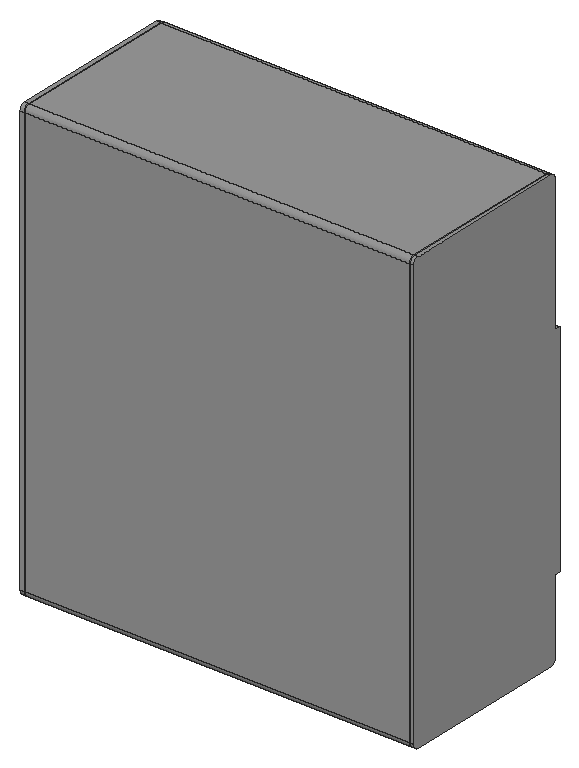
Revit family "L&L_LUCE&LIGHT_PASITO_1.0", category Lighting Fixtures, host Wall, Revit 2018 (continued)
Parameters (values of type "PASITO_1.0 – 60°")
     8.08 7.80 7.51 7.27 7.03 6.77 6.50 \r\n6.27 6.04 5.79 5.54 5.32 5.10 4.86 4.64 4.44 4.24 4.02 \r\n3.83 3.65 3.46 3.27 3.09 2.92 2.74 2.58 2.42 2.25 2.09 \r\n1.93 1.79 1.55 1.11 0.54 0.12 0.01 \r\n0.01 0.06 0.26 0.56 1.05 1.76 1.98 2.01 2.08 2.24 2.89 \r\n4.08 5.77 7.89 10.31 13.23 16.95 21.35 26.32 32.09 39.55 \r\n48.38 58.14 68.86 79.59 88.46 94.89 99.36 102.63 105.23 \r\n107.89 110.80 113.68 116.29 118.59 120.67 122.97 125.38 \r\n127.43 129.26 131.30 133.23 134.94 136.48 137.92 139.39 \r\n140.77 141.91 142.75 143.63 144.53 145.13 145.46 145.71 \r\n145.88 145.80 145.41 144.89 144.34 143.64 142.75 141.62 \r\n140.13 138.44 136.71 134.82 132.76 130.49 127.94 125.12 \r\n122.04 118.70 115.09 111.14 106.79 102.05 96.95 91.46 \r\n85.70 79.87 74.17 68.77 63.77 59.22 55.12 51.49 48.28 \r\n45.43 42.91 40.66 38.65 36.84 35.19 33.67 32.22 30.85 \r\n29.57 28.37 27.27 26.27 25.35 24.51 23.74 23.03 22.37 \r\n21.76 21.21 20.73 20.32 19.95 19.57 19.13 18.64 18.14 \r\n17.66 17.20 16.79 16.42 16.09 15.76 15.35 14.92 14.57 \r\n14.25 13.89 13.51 13.17 12.83 12.49 12.14 11.81 11.52 \r\n11.19 10.83 10.55 10.27 9.95 9.68 9.41 9.09 8.82 8.55 \r\n8.24 8.00 7.77 7.49 7.26 7.03 6.78 6.53 6.31 6.10 5.86 \r\n5.63 5.42 5.22 5.00 4.78 4.58 4.40 4.20 3.99 3.81 3.64 \r\n3.45 3.28 3.11 2.95 2.78 2.63 2.48 2.32 2.18 2.03 1.88 \r\n1.74 1.48 1.02 0.48 0.11 0.01 \r\n0.01 0.05 0.23 0.50 0.90 1.55 1.94 1.99 2.03 2.11 2.34 \r\n3.08 4.24 5.84 7.79 10.02 12.74 16.04 19.98 24.34 29.21 \r\n35.61 43.23 51.66 60.85 70.67 79.95 86.97 91.91 95.26 \r\n97.74 99.96 102.21 104.28 106.32 108.34 110.18 111.71 \r\n113.16 114.73 116.21 117.43 118.62 119.76 120.79 121.78 \r\n122.65 123.23 123.66 124.11 124.47 124.61 124.55 124.41 \r\n124.25 123.94 123.41 122.64 121.75 120.81 119.78 118.57 \r\n117.18 115.62 113.88 111.98 109.95 107.80 105.56 103.23 \r\n100.74 98.07 95.17 92.10 88.88 85.50 81.95 78.20 74.28 \r\n70.23 66.14 62.10 58.21 54.53 51.13 48.02 45.19 42.64 \r\n40.34 38.27 36.41 34.72 33.18 31.73 30.36 29.04 27.79 \r\n26.63 25.58 24.61 23.72 22.89 22.11 21.40 20.76 20.19 \r\n19.68 19.21 18.76 18.29 17.82 17.35 16.89 16.47 16.08 \r\n15.71 15.39 15.08 14.72 14.32 13.95 13.63 13.30 12.94 \r\n12.59 12.29 11.97 11.63 11.32 11.06 10.77 10.45 10.15 \r\n9.89 9.62 9.32 9.06 8.82 8.57 8.30 8.05 7.82 7.58 7.34 \r\n7.12 6.90 6.67 6.44 6.24 6.03 5.81 5.60 5.41 5.21 5.01 \r\n4.82 4.64 4.47 4.28 4.09 3.91 3.75 3.58 3.40 3.24 3.09 \r\n2.94 2.78 2.64 2.50 2.36 2.22 2.09 1.96 1.83 1.68 1.38 \r\n0.92 0.42 0.09 0.01 \r\n0.01 0.05 0.20 0.43 0.75 1.27 1.82 1.97 2.00 2.05 2.12 \r\n2.35 3.03 4.08 5.46 7.15 9.10 11.43 14.22 17.55 21.33 \r\n25.40 30.03 35.97 43.07 50.80 58.98 67.35 75.20 81.47 \r\n85.99 88.97 90.87 92.38 93.94 95.52 96.99 98.37 99.53 \r\n100.43 101.29 102.13 102.78 103.28 103.84 104.45 104.96 \r\n105.22 105.19 105.06 105.03 105.00 104.90 104.61 104.06 \r\n103.43 102.80 102.06 101.09 99.93 98.72 97.46 96.14 94.78 \r\n93.36 91.83 90.17 88.33 86.41 84.44 82.48 80.52 78.51 \r\n76.40 74.17 71.83 69.37 66.79 64.11 61.34 58.49 55.61 \r\n52.72 49.88 47.13 44.52 42.07 39.79 37.70 35.79 34.04 \r\n32.45 30.98 29.62 28.31 27.06 25.85 24.72 23.67 22.71 \r\n21.83 21.02 20.26 19.55 18.91 18.33 17.80 17.30 16.81 \r\n16.33 15.88 15.48 15.12 14.78 14.45 14.12 13.79 13.44 \r\n13.10 12.78 12.47 12.16 11.85 11.56 11.26 10.96 10.68 \r\n10.42 10.14 9.85 9.59 9.34 9.08 8.84 8.59 8.35 8.12 7.91 \r\n7.69 7.46 7.24 7.03 6.83 6.63 6.42 6.22 6.02 5.83 5.64 \r\n5.47 5.29 5.11 4.92 4.75 4.59 4.42 4.25 4.09 3.93 3.78 \r\n3.62 3.46 3.31 3.17 3.03 2.88 2.74 2.61 2.49 2.36 2.24 \r\n2.12 2.00 1.88 1.76 1.59 1.27 0.81 0.36 0.08 0.01 \r\n0.01 0.04 0.16 0.36 0.62 1.01 1.53 1.94 1.97 2.00 2.05 \r\n2.11 2.27 2.75 3.57 4.71 6.10 7.67 9.48 11.66 14.21 17.17 \r\n20.58 24.35 28.37 33.12 38.85 45.34 52.45 59.82 66.77 \r\n72.60 76.97 80.06 82.11 83.42 84.38 85.27 86.09 86.84 \r\n87.56 88.17 88.57 88.82 88.98 89.12 89.24 89.23 89.05 \r\n88.73 88.34 87.94 87.55 87.11 86.58 85.93 85.20 84.44 \r\n83.60 82.69 81.72 80.69 79.61 78.47 77.24 75.99 74.70 \r\n73.38 71.99 70.56 69.07 67.56 66.01 64.40 62.75 61.04 \r\n59.27 57.45 55.57 53.63 51.63 49.57 47.45 45.28 43.11 \r\n40.96 38.88 36.89 35.01 33.24 31.59 30.07 28.64 27.31 \r\n26.04 24.83 23.66 22.55 21.50 20.51 19.59 18.75 17.99 \r\n17.34 16.76 16.24 15.76 15.29 14.83 14.38 13.95 13.58 \r\n13.24 12.92 12.61 12.31 12.01 11.72 11.42 11.12 10.84 \r\n10.57 10.31 10.05 9.80 9.57 9.32 9.08 8.85 8.62 8.40 8.18 \r\n7.96 7.75 7.55 7.35 7.15 6.96 6.78 6.60 6.42 6.22 6.04 \r\n5.87 5.71 5.54 5.37 5.21 5.04 4.88 4.73 4.59 4.44 4.28 \r\n4.13 3.99 3.85 3.71 3.56 3.43 3.30 3.17 3.04 2.92 2.79 \r\n2.66 2.54 2.43 2.32 2.21 2.10 2.00 1.89 1.79 1.69 1.47 \r\n1.12 0.69 0.29 0.07 0.01 \r\n0.01 0.03 0.12 0.29 0.50 0.77 1.15 1.61 1.94 1.97 1.99 \r\n2.02 2.09 2.16 2.39 2.88 3.65 4.68 5.92 7.29 8.86 10.67 \r\n12.73 15.09 17.77 20.79 24.17 27.96 32.27 37.13 42.40 \r\n48.11 54.17 60.06 65.10 68.89 71.46 73.16 74.18 74.68 \r\n74.98 75.29 75.61 75.82 75.91 75.92 75.87 75.76 75.53 \r\n75.17 74.68 74.14 73.64 73.12 72.59 72.02 71.37 70.66 \r\n69.91 69.16 68.41 67.62 66.80 65.95 65.07 64.14 63.13 \r\n62.08 61.01 59.91 58.79 57.62 56.42 55.19 53.93 52.66 \r\n51.36 50.03 48.65 47.22 45.73 44.18 42.56 40.88 39.16 \r\n37.42 35.68 33.96 32.28 30.65 29.09 27.62 26.23 24.90 \r\n23.62 22.39 21.20 20.07 18.99 17.99 17.05 16.19 15.40 \r\n14.69 14.06 13.52 13.05 12.64 12.29 11.98 11.69 11.43 \r\n11.17 10.91 10.64 10.37 10.12 9.87 9.62 9.39 9.15 8.92 \r\n8.71 8.51 8.32 8.12 7.92 7.72 7.53 7.35 7.17 6.99 6.82 \r\n6.64 6.48 6.32 6.15 5.99 5.84 5.69 5.55 5.40 5.25 5.11 \r\n4.97 4.83 4.70 4.57 4.44 4.31 4.17 4.04 3.92 3.80 3.67 \r\n3.54 3.42 3.31 3.20 3.09 2.97 2.87 2.76 2.65 2.55 2.45 \r\n2.35 2.24 2.14 2.05 1.96 1.87 1.79 1.71 1.57 1.32 0.96 \r\n0.56 0.22 0.05 0.01 \r\n0.01 0.03 0.10 0.22 0.38 0.58 0.82 1.15 1.52 1.82 1.95 \r\n1.97 2.00 2.03 2.09 2.18 2.35 2.66 3.15 3.90 4.83 5.91 \r\n7.13 8.50 10.09 11.91 13.97 16.18 18.47 21.04 23.99 27.37 \r\n31.20 35.47 40.00 44.70 49.18 53.35 57.03 60.09 62.22 \r\n63.54 64.15 64.35 64.35 64.28 64.22 64.18 64.04 63.78 \r\n63.38 62.90 62.37 61.83 61.28 60.75 60.20 59.63 59.03 \r\n58.41 57.79 57.16 56.52 55.87 55.20 54.51 53.78 53.03 \r\n52.24 51.41 50.55 49.67 48.77 47.85 46.91 45.92 44.90 \r\n43.84 42.76 41.64 40.49 39.29 38.04 36.74 35.37 33.95 \r\n32.48 30.96 29.44 27.91 26.42 24.98 23.58 22.23 20.90 \r\n19.60 18.33 17.11 15.95 14.88 13.92 13.06 12.31 11.66 \r\n11.12 10.70 10.37 10.11 9.89 9.69 9.47 9.25 9.02 8.79 \r\n8.57 8.36 8.17 8.00 7.82 7.65 7.47 7.29 7.12 6.95 6.79 \r\n6.63 6.49 6.35 6.21 6.07 5.93 5.79 5.66 5.53 5.41 5.28 \r\n5.16 5.04 4.93 4.81 4.69 4.58 4.46 4.35 4.24 4.13 4.02 \r\n3.92 3.82 3.72 3.61 3.51 3.40 3.30 3.20 3.11 3.01 2.92 \r\n2.83 2.74 2.65 2.56 2.47 2.39 2.30 2.21 2.12 2.05 1.97 \r\n1.89 1.82 1.75 1.67 1.56 1.37 1.11 0.78 0.44 0.18 0.05 \r\n0.01 \r\n0.01 0.03 0.08 0.15 0.27 0.41 0.56 0.74 0.99 1.26 1.55 \r\n1.78 1.94 1.96 1.99 2.02 2.05 2.09 2.16 2.28 2.49 2.80 \r\n3.32 3.99 4.78 5.68 6.64 7.68 8.97 10.44 12.16 13.91 \r\n15.67 17.57 19.69 22.23 25.01 28.06 31.32 34.77 38.35 \r\n41.83 44.81 47.30 49.08 50.40 51.15 51.55 51.49 51.34 \r\n50.97 50.62 50.19 49.72 49.23 48.63 48.10 47.47 46.86 \r\n46.27 45.70 45.19 44.69 44.18 43.66 43.11 42.57 42.08 \r\n41.65 41.17 40.67 40.12 39.51 38.79 38.03 37.26 36.48 \r\n35.68 34.85 33.99 33.11 32.20 31.27 30.30 29.26 28.14 \r\n26.91 25.61 24.25 22.87 21.50 20.18 18.89 17.63 16.40 \r\n15.17 13.96 12.80 11.71 10.73 9.89 9.20 8.65 8.22 7.91 \r\n7.69 7.54 7.43 7.33 7.22 7.09 6.94 6.79 6.64 6.50 6.37 \r\n6.24 6.12 6.01 5.89 5.77 5.66 5.55 5.44 5.34 5.24 5.14 \r\n5.04 4.94 4.83 4.73 4.63 4.54 4.44 4.36 4.27 4.19 4.10 \r\n4.02 3.94 3.86 3.77 3.68 3.59 3.51 3.43 3.35 3.27 3.19 \r\n3.11 3.04 2.96 2.88 2.81 2.74 2.67 2.60 2.52 2.45 2.38 \r\n2.31 2.24 2.18 2.11 2.04 1.98 1.91 1.85 1.79 1.73 1.67 \r\n1.59 1.46 1.30 1.10 0.87 0.59 0.32 0.14 0.04 0.01 \r\n0.01 0.02 0.05 0.11 0.17 0.26 0.35 0.46 0.57 0.72 0.88 \r\n1.09 1.30 1.50 1.68 1.82 1.93 1.95 1.98 2.01 2.03 2.05 \r\n2.08 2.14 2.23 2.38 2.58 2.94 3.36 3.97 4.65 5.41 6.21 \r\n7.06 8.01 9.08 10.31 11.61 13.03 14.50 16.05 17.65 19.11 \r\n20.55 21.78 22.76 23.50 23.90 24.01 23.91 23.65 23.41 \r\n23.22 23.04 22.91 22.79 22.64 22.50 22.40 22.30 22.19 \r\n22.07 21.93 21.78 21.65 21.52 21.38 21.22 21.04 20.83 \r\n20.64 20.47 20.30 20.12 19.93 19.72 19.49 19.22 18.91 \r\n18.55 18.14 17.69 17.20 16.67 16.11 15.53 14.92 14.30 \r\n13.68 13.05 12.44 11.83 11.22 10.58 9.90 9.14 8.32 7.48 \r\n6.70 6.02 5.59 5.42 5.29 5.19 5.08 5.00 4.97 4.93 4.88 \r\n4.84 4.78 4.73 4.67 4.62 4.57 4.51 4.45 4.38 4.32 4.25 \r\n4.19 4.13 4.07 4.01 3.95 3.89 3.83 3.76 3.70 3.64 3.58 \r\n3.52 3.47 3.41 3.35 3.29 3.24 3.18 3.12 3.07 3.01 2.96 \r\n2.91 2.86 2.80 2.74 2.69 2.63 2.58 2.53 2.48 2.43 2.38 \r\n2.33 2.27 2.22 2.17 2.13 2.08 2.03 1.99 1.93 1.88 1.84 \r\n1.79 1.74 1.70 1.64 1.58 1.49 1.38 1.25 1.11 0.96 0.80 \r\n0.63 0.41 0.23 0.09 0.04 0.01 \r\n0.01 0.02 0.04 0.07 0.11 0.15 0.19 0.25 0.29 0.35 0.41 \r\n0.48 0.57 0.69 0.82 0.95 1.09 1.23 1.35 1.46 1.57 1.67 \r\n1.77 1.86 1.93 1.94 1.96 1.99 2.01 2.04 2.06 2.08 2.12 \r\n2.18 2.29 2.47 2.69 2.95 3.34 3.76 4.20 4.67 5.18 5.65 \r\n6.05 6.39 6.64 6.77 6.81 6.78 6.73 6.68 6.64 6.60 6.60 \r\n6.60 6.60 6.59 6.59 6.60 6.63 6.66 6.69 6.71 6.71 6.73 \r\n6.76 6.79 6.83 6.86 6.88 6.88 6.87 6.84 6.80 6.76 6.74 \r\n6.72 6.71 6.68 6.65 6.58 6.49 6.37 6.24 6.09 5.94 5.78 \r\n5.61 5.41 5.20 4.95 4.69 4.42 4.16 3.92 3.72 3.55 3.41 \r\n3.31 3.24 3.22 3.19 3.16 3.13 3.10 3.08 3.06 3.04 3.02 \r\n2.99 2.97 2.95 2.93 2.90 2.88 2.85 2.83 2.81 2.79 2.77 \r\n2.74 2.72 2.69 2.66 2.64 2.61 2.59 2.57 2.54 2.52 2.50 \r\n2.47 2.44 2.41 2.38 2.35 2.31 2.28 2.25 2.22 2.19 2.16 \r\n2.14 2.11 2.08 2.05 2.02 1.99 1.96 1.93 1.90 1.86 1.83 \r\n1.80 1.77 1.75 1.72 1.70 1.67 1.64 1.60 1.56 1.50 1.43 \r\n1.35 1.27 1.18 1.08 0.99 0.89 0.79 0.70 0.60 0.50 0.40 \r\n0.27 0.15 0.07 0.03 0.01 \r\n0.01 0.01 0.03 0.04 0.06 0.08 0.09 0.11 0.12 0.14 0.15 \r\n0.17 0.19 0.22 0.24 0.27 0.29 0.32 0.35 0.39 0.43 0.48 \r\n0.53 0.57 0.63 0.68 0.74 0.79 0.85 0.91 0.98 1.05 1.12 \r\n1.19 1.25 1.31 1.37 1.43 1.48 1.52 1.55 1.57 1.58 1.59 \r\n1.60 1.61 1.62 1.64 1.66 1.68 1.69 1.71 1.73 1.74 1.76 \r\n1.78 1.81 1.84 1.87 1.90 1.92 1.95 1.97 1.99 2.01 2.02 \r\n2.03 2.04 2.05 2.06 2.07 2.08 2.08 2.09 2.09 2.08 2.08 \r\n2.06 2.05 2.03 2.01 1.99 1.97 1.95 1.93 1.92 1.90 1.89 \r\n1.87 1.86 1.85 1.85 1.84 1.83 1.82 1.81 1.80 1.79 1.78 \r\n1.77 1.76 1.75 1.74 1.73 1.73 1.71 1.70 1.69 1.67 1.66 \r\n1.64 1.62 1.61 1.60 1.59 1.58 1.57 1.57 1.56 1.55 1.55 \r\n1.54 1.53 1.53 1.52 1.52 1.52 1.51 1.51 1.50 1.50 1.49 \r\n1.48 1.48 1.47 1.46 1.45 1.44 1.43 1.42 1.42 1.41 1.41 \r\n1.40 1.39 1.38 1.36 1.34 1.32 1.30 1.28 1.24 1.20 1.17 \r\n1.13 1.09 1.05 1.01 0.96 0.92 0.87 0.82 0.77 0.72 0.67 \r\n0.62 0.57 0.52 0.46 0.42 0.39 0.36 0.33 0.29 0.25 0.22 \r\n0.16 0.10 0.06 0.03 0.01 \r\n0.01 0.01 0.01 0.02 0.02 0.02 0.02 0.02 0.02 0.02 0.02 \r\n0.02 0.02 0.02 0.02 0.02 0.02 0.02 0.02 0.02 0.02 0.02 \r\n0.02 0.02 0.02 0.03 0.03 0.03 0.03 0.03 0.03 0.03 0.03 \r\n0.03 0.03 0.03 0.03 0.03 0.03 0.04 0.04 0.04 0.04 0.04 \r\n0.04 0.04 0.04 0.04 0.04 0.04 0.04 0.04 0.04 0.04 0.04 \r\n0.04 0.04 0.04 0.04 0.05 0.05 0.05 0.05 0.05 0.05 0.05 \r\n0.05 0.05 0.05 0.05 0.05 0.05 0.05 0.05 0.05 0.05 0.05 \r\n0.05 0.05 0.05 0.05 0.05 0.05 0.05 0.05 0.05 0.05 0.05 \r\n0.05 0.05 0.05 0.05 0.05 0.05 0.05 0.05 0.06 0.06 0.06 \r\n0.06 0.06 0.06 0.06 0.06 0.06 0.06 0.06 0.06 0.06 0.06 \r\n0.06 0.06 0.06 0.06 0.06 0.06 0.06 0.06 0.06 0.06 0.06 \r\n0.06 0.06 0.06 0.06 0.06 0.06 0.06 0.06 0.06 0.06 0.06 \r\n0.06 0.06 0.06 0.06 0.07 0.07 0.07 0.07 0.07 0.07 0.07 \r\n0.07 0.07 0.07 0.07 0.07 0.07 0.07 0.07 0.07 0.07 0.07 \r\n0.07 0.07 0.07 0.07 0.07 0.07 0.07 0.07 0.07 0.07 0.07 \r\n0.07 0.07 0.07 0.07 0.07 0.07 0.07 0.08 0.08 0.08 0.08 \r\n0.07 0.06 0.04 0.02 0.01 \r\n"
  MATERIAL DESCRIPTION = "body in aluminium"
  Lamp = "LED colour white: 2700K, 3000K, 4000K"
  LIGHT MATERIAL = LIGHT_GLASS
  LENGTH = 161.0 mm
  ILLUMINITECHNICAL PERFORMANCE = ""
  IES PHOTOMETRIC ARCHIVE = "https://www.lucelight.it/media/prodotti/fotometrie/pasito_1.0_ies.zip"
  ENERGY EFFIECIENCY CLASS = "A / A+ / A++"
  Dimming Lamp Color Temperature Shift = <None>
  URL = "https://www.lucelight.it/en/"
  built-in parameter 1150107 = 2700 (stored number, unit not read)
  Manufacturer = "L&L Luce&Light"
  built-in parameter 1150110 = 1 (stored number, unit not read)
  built-in parameter 1150109 = 1 (stored number, unit not read)
  built-in parameter 1114216 [instance] = (empty or 0)
  built-in parameter 1114218 = 1 (stored number, unit not read)
  built-in parameter 1150112 = 1 (stored number, unit not read)
  Model = "PASITO 1.0"
  built-in parameter 1150137 = (empty or 0)
  built-in parameter 1150132 = (empty or 0)
  built-in parameter 1150105 = 3238.9 (stored number, unit not read)
  built-in parameter 1150102 = (empty or 0)
  built-in parameter 1150106 = 32.389 (stored number, unit not read)
  Lumens = 1485.42 lm
  Color Filter = 16777215
  built-in parameter 1114217 = 1 (stored number, unit not read)
  built-in parameter 1150139 = (empty or 0)
  built-in parameter 1150104 = 13.8 (stored number, unit not read)
  built-in parameter 1150115 = 1 (stored number, unit not read)
  built-in parameter 1150114 = 1 (stored number, unit not read)
  built-in parameter 1150113 = 1 (stored number, unit not read)
  Description = "step light for outdoor applications"
  built-in parameter 1150134 = (empty or 0)
  built-in parameter 1150138 = (empty or 0)
  BODY MATERIAL = ALUMINIUM
  BIM USER MANUAL = "https://img.edilportale.com/bim/LUCE-LIGHT-BIM-user-manual-en-L-L-Luce-Light-bim.pdf"
  BIM BADGE = "https://bim.archiproducts.com/it/badge/bim-archiproducts-featured_658700/about"
  BIM AUTHOR = "https://bim.archiproducts.com"
  built-in parameter 1150133 = 10 (stored number, unit not read)
  ACCESSORIES = "outer casing - https://www.lucelight.it/media/accessori/dxf/wc1410e.dxf"
Reference planes
  plane 1: y = 0
  plane 2 "Centro (Sinistra/Destra)": x = 125
  plane 3 "Indietro": y = 74.988
  plane 4: through (-8600, 121.705, 105.93) normal (0, -0.5592, -0.829)
  plane 5: through (-8600, 149.247, 104.023) normal (0, -0.829, 0.5592)
Lines and regions (mm)
  model lines, detail levels coarse
    curve 1: circle (125, 119.488, 0) r 39 normal (0, 0, 1)
    curve 2: line (152.577, 91.911, 0) -> (97.423, 147.065, 0)
    curve 3: line (97.494, 91.84, 0) -> (152.649, 146.994, 0)
    curve 4: circle (125, 74.988, 105.321) r 39 normal (0, -1, 0)
    curve 5: line (152.577, 74.988, 132.898) -> (97.423, 74.988, 77.744)
    curve 6: line (97.423, 74.988, 132.898) -> (152.577, 74.988, 77.744)
Text (mm)
  text "Placement side" at (-1867.185, 1116.779, 0), in view "Livello rif."
  text "Placement side" at (0, 1270.507, 3001.832), in view "Sinistra"
  text "Placement side" at (0, 530.812, 2999.686), in view "Destra"
Dimensions and locks
  locked: plane 3 "Indietro" to host wall
  aligned and locked: plane 1 to host wall
  aligned and locked: nested 1 to plane 3 "Indietro"
  aligned and locked: plane 3 "Indietro" to nested 1
  aligned and locked: nested 1 to level
Nested families
  nested 1: "PASITO_STRUCTURE_1.0" at (125, 74.988, 0) x (-1, 0, 0) z (0, 0, 1), BODY MATERIAL <- "BODY MATERIAL", LIGHT_MATERIAL <- "LIGHT MATERIAL", type "PASITO_STRUCTURE", detail levels medium+fine
    with LIGHT_MATERIAL LIGHT_GLASS, BODY MATERIAL ALUMINIUM
Definition of nested family "PASITO_STRUCTURE_1.0"
  Parameters (values of type "PASITO_STRUCTURE_1.1")
    LIGHT_MATERIAL [instance] = none
    BODY MATERIAL [instance] = none
  Types (2): name
    PASITO_STRUCTURE_1.1
    PASITO_STRUCTURE
  Reference planes
    plane 1 "Center (Front/Back)": y = 0
    plane 2: z = 0
    plane 3 "Center (Left/Right)": x = 0
    plane 4: through (0, 23.89, 82.953) normal (0, -0.829, -0.5592)
    plane 5: z = 161
    plane 6: x = -72
    plane 7: x = 72
  Forms (mm)
    Extrusion 1, solid, material <- "LIGHT_MATERIAL"
      sketch origin (0, -36.726, 92.531) x (0, 0.559193, -0.829038) y (-1, 0, 0)
        loop
          arc (-16.695, 24.405) -> (-30.515, 0.01) -> (-16.695, -24.385) r 28.441
          arc (-16.695, -24.385) -> (-2.876, 0.01) -> (-16.695, 24.405) r 28.441
      from -2.69 to -0.79
    Extrusion 2, solid, material <- "BODY MATERIAL"
      sketch origin (0, 0, 0) x (0, 1, 0) y (0, 0, 1)
        loop
          line (-64.5, 109.7) -> (-66.5, 109.7) -> (-66.5, 29.3) -> (-64.5, 29.3) -> (-64.5, 1.931)
          arc (-64.5, 1.931) -> (-63.934, 0.566) -> (-62.569, 0) r 1.931
          line (-62.569, 0) -> (-2, 0)
          arc (-2, 0) -> (-0.586, 0.586) -> (0, 2) r 2
          line (0, 2) -> (0, 159)
          arc (0, 159) -> (-0.586, 160.414) -> (-2, 161) r 2
          line (-2, 161) -> (-62.569, 161)
          arc (-62.569, 161) -> (-63.934, 160.434) -> (-64.5, 159.069) r 1.931
          line (-64.5, 159.069) -> (-64.5, 109.7)
      from -72 to -70.5
    Extrusion 3, solid, material <- "BODY MATERIAL"
      sketch origin (0, 0, 0) x (0, 1, 0) y (0, 0, -1)
        loop
          line (-64.5, -109.7) -> (-64.5, -159.069)
          arc (-64.5, -159.069) -> (-63.934, -160.434) -> (-62.569, -161) r 1.931
          line (-62.569, -161) -> (-2, -161)
          arc (-2, -161) -> (-0.586, -160.414) -> (0, -159) r 2
          line (0, -159) -> (0, -2)
          arc (0, -2) -> (-0.586, -0.586) -> (-2, 0) r 2
          line (-2, 0) -> (-62.569, 0)
          arc (-62.569, 0) -> (-63.934, -0.566) -> (-64.5, -1.931) r 1.931
          line (-64.5, -1.931) -> (-64.5, -29.3) -> (-66.5, -29.3) -> (-66.5, -109.7) -> (-64.5, -109.7)
      from -72 to -70.5
    Extrusion 4, solid, material <- "BODY MATERIAL"
      sketch origin (0, 0, 0) x (0, 1, 0) y (0, 0, -1)
        loop
          line (-64.5, -109.7) -> (-64.5, -159.069)
          arc (-64.5, -159.069) -> (-63.934, -160.434) -> (-62.569, -161) r 1.931
          line (-62.569, -161) -> (-2, -161)
          arc (-2, -161) -> (-0.586, -160.414) -> (0, -159) r 2
          line (0, -159) -> (0, -2)
          arc (0, -2) -> (-0.586, -0.586) -> (-2, 0) r 2
          line (-2, 0) -> (-62.569, 0)
          arc (-62.569, 0) -> (-63.934, -0.566) -> (-64.5, -1.931) r 1.931
          line (-64.5, -1.931) -> (-64.5, -29.3) -> (-66.266, -29.3)
          spline (-66.266, -29.3) -> (-66.333, -29.326) -> (-66.396, -29.4) -> (-66.45, -29.52) -> (-66.492, -29.675) -> (-66.518, -29.856) -> (-66.527, -30.05) -> (-66.518, -30.244) -> (-66.492, -30.425) -> (-66.45, -30.58) -> (-66.396, -30.7) -> (-66.333, -30.774) -> (-66.266, -30.8)
          line (-66.266, -30.8) -> (-62, -30.8) -> (-62, -2.5) -> (-2.5, -2.5) -> (-2.5, -158.5) -> (-62, -158.5) -> (-62, -108.2) -> (-66.246, -108.2)
          spline (-66.246, -108.2) -> (-66.314, -108.226) -> (-66.378, -108.3) -> (-66.433, -108.42) -> (-66.475, -108.575) -> (-66.501, -108.756) -> (-66.51, -108.95) -> (-66.501, -109.144) -> (-66.475, -109.325) -> (-66.433, -109.48) -> (-66.378, -109.6) -> (-66.314, -109.674) -> (-66.246, -109.7)
          line (-66.246, -109.7) -> (-64.5, -109.7)
      from -70.5 to 70.5
    Extrusion 5, solid, material <- "BODY MATERIAL"
      sketch origin (0, 0, 0) x (0, 1, 0) y (0, 0, 1)
        loop
          line (-39, 45.473) -> (-16.762, 94.372) -> (-44.5, 135.496) -> (-61.25, 135.496) -> (-61.25, 127.476) -> (-37.711, 92.578)
          arc (-37.711, 92.578) -> (-37.383, 91.697) -> (-37.493, 90.765) r 2
          line (-37.493, 90.765) -> (-61.25, 26.625) -> (-61.25, 16.3) -> (-39, 16.3) -> (-39, 45.473)
      from -70.5 to 70.5
  Dimensions and locks
    aligned and locked: level to plane 2
